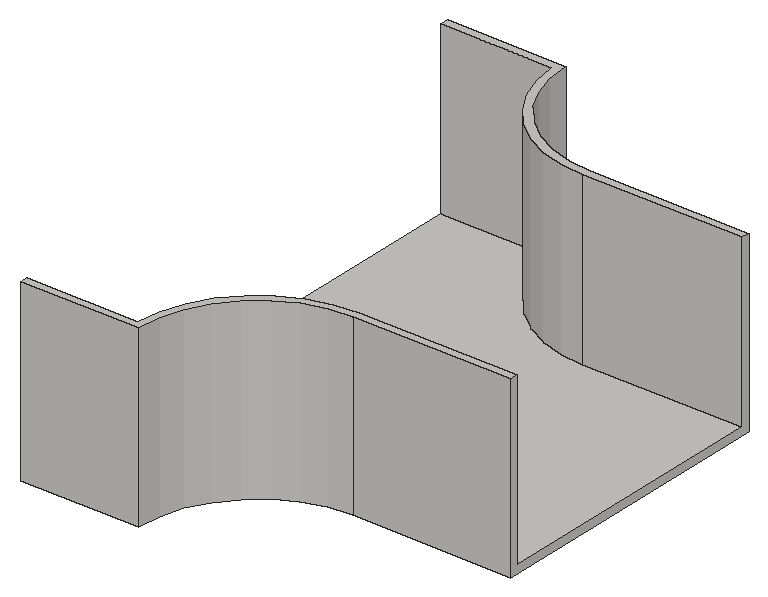
Revit family "S4R_OBO BETTERMANN_CableTray_SaddlePiece_RAAM FSK RW", category Cable Tray Fittings, Revit 2012
Parameters
  Wholesaler art.no. = ""
  Wholesaler = ""
  Watermarked By = "www.stabiplan.com"
  WIDTH2 [instance] = WIDTH1 + 80 mm  # 180 mm
  WIDTH1 [instance] = 100 mm
  VERSION = "91800"  # constant formula
  URL = "www.stabiplan.com"
  built-in parameter 1140111 [instance] = 2.6 mm
  TYPE [instance] = "RAAM FSK RW"  # constant formula
  StabiCAD_PM = ""
  Radius [instance] = 50 mm  # constant formula
  PRODUCTLINE [instance] = "OBO BETTERMANN CableTrays"  # constant formula
  Model = ""
  Manufacturer = "OBO BETTERMANN"  # constant formula
  LENGTH1 [instance] = if(and(WIDTH1 = 100 mm, HEIGHT1 = 60 mm, ANGLE2 = 90.00°), 133.5 mm, if(and(WIDTH1 = 200 mm, HEIGHT1 = 60 mm, ANGLE2 = 90.00°), 133.5 mm, if(and(WIDTH1 = 300 mm, HEIGHT1 = 60 mm, ANGLE2 = 90.00°), 133.5 mm, if(and(WIDTH1 = 400 mm, HEIGHT1 = 60 mm, ANGLE2 = 90.00°), 133.5 mm, if(and(WIDTH1 = 500 mm, HEIGHT1 = 60 mm, ANGLE2 = 90.00°), 133.5 mm, if(and(WIDTH1 = 600 mm, HEIGHT1 = 60 mm, ANGLE2 = 90.00°), 133.5 mm, 133.5 mm))))))  # 133.5 mm
  Internal art.no. = ""
  ISCUSTOM [instance] = if(and(WIDTH1 = 100 mm, HEIGHT1 = 60 mm, ANGLE2 = 90.00°), 1 = 0, if(and(WIDTH1 = 200 mm, HEIGHT1 = 60 mm, ANGLE2 = 90.00°), 1 = 0, if(and(WIDTH1 = 300 mm, HEIGHT1 = 60 mm, ANGLE2 = 90.00°), 1 = 0, if(and(WIDTH1 = 400 mm, HEIGHT1 = 60 mm, ANGLE2 = 90.00°), 1 = 0, if(and(WIDTH1 = 500 mm, HEIGHT1 = 60 mm, ANGLE2 = 90.00°), 1 = 0, if(and(WIDTH1 = 600 mm, HEIGHT1 = 60 mm, ANGLE2 = 90.00°), 1 = 0, 1 = 1))))))  # no
  IFCExportType = ""
  IFCExportAs = ""
  HEIGHT1 [instance] = 60 mm
  GTINNUMBER [instance] = if(and(WIDTH1 = 100 mm, HEIGHT1 = 60 mm, ANGLE2 = 90.00°), "4012195986881", if(and(WIDTH1 = 200 mm, HEIGHT1 = 60 mm, ANGLE2 = 90.00°), "4012195986898", if(and(WIDTH1 = 300 mm, HEIGHT1 = 60 mm, ANGLE2 = 90.00°), "4012195986904", if(and(WIDTH1 = 400 mm, HEIGHT1 = 60 mm, ANGLE2 = 90.00°), "4012195986911", if(and(WIDTH1 = 500 mm, HEIGHT1 = 60 mm, ANGLE2 = 90.00°), "4012195986928", if(and(WIDTH1 = 600 mm, HEIGHT1 = 60 mm, ANGLE2 = 90.00°), "4012195986935", "Unknown"))))))  # "4012195986881"
  ETIM article class = ""
  Description = "Horizontal CableTray Saddle Piece"
  DEEPLINK = "http://catalog1.obo-bettermann.com/"
  Copyright = "© Stabiplan BV / Stabiplan International BV"  # constant formula
  CT2 [instance] = 1
  CT1 [instance] = 1
  BodyColor = Steel
  ARTICLENUMBER [instance] = if(and(WIDTH1 = 100 mm, HEIGHT1 = 60 mm, ANGLE2 = 90.00°), "6042780", if(and(WIDTH1 = 200 mm, HEIGHT1 = 60 mm, ANGLE2 = 90.00°), "6042784", if(and(WIDTH1 = 300 mm, HEIGHT1 = 60 mm, ANGLE2 = 90.00°), "6042786", if(and(WIDTH1 = 400 mm, HEIGHT1 = 60 mm, ANGLE2 = 90.00°), "6042788", if(and(WIDTH1 = 500 mm, HEIGHT1 = 60 mm, ANGLE2 = 90.00°), "6042790", if(and(WIDTH1 = 600 mm, HEIGHT1 = 60 mm, ANGLE2 = 90.00°), "6042792", "Unknown"))))))  # "6042780"
  ARTICLEDESCRIPTION [instance] = "Horizontal CableTray Saddle Piece"
  ANGLE2 = 90.00°  # constant formula
Reference planes
  plane 1 "Center (Front/Back)": y = 0
  plane 2: z = 0
  plane 3 "Center (Left/Right)": x = 0
  plane 4: y = 50
  plane 5: y = -50
  plane 6: y = 90
  plane 7: y = -90
  plane 8: z = 30
  plane 9: z = -30
  plane 10: x = 133.5
  plane 11: x = 40
  plane 12: z = 27.5
  plane 13: z = -27.4
Forms (mm)
  Extrusion 1, solid, material "Steel", detail levels fine
    sketch origin (0, 0, 0) x (1, 0, 0) y (0, 1, 0)
      loop
        arc (80, 50) -> (51.716, 61.716) -> (40, 90) r 40
        line (40, 90) -> (0, 90) -> (0, -90) -> (40, -90)
        arc (40, -90) -> (51.716, -61.716) -> (80, -50) r 40
        line (80, -50) -> (133.5, -50) -> (133.5, 50) -> (80, 50)
    from -30 to 30
  Extrusion 2, solid, material "Steel", detail levels medium
    sketch origin (0, 0, 0) x (1, 0, 0) y (0, 1, 0)
      loop
        line (40, 90) -> (0, 90) -> (0, -90) -> (40, -90)
        arc (40, -90) -> (51.716, -61.716) -> (80, -50) r 40
        line (80, -50) -> (133.5, -50) -> (133.5, 50) -> (80, 50)
        arc (80, 50) -> (51.716, 61.716) -> (40, 90) r 40
    from -30 to 30
  Extrusion 3, void
    sketch origin (0, 0, 0) x (1, 0, 0) y (0, 1, 0)
      loop
        line (133.5, -47.4) -> (133.5, 47.4) -> (79.921, 47.4)
        arc (79.921, 47.4) -> (50.732, 58.972) -> (37.4, 87.4) r 42.6
        line (37.4, 87.4) -> (0, 87.4) -> (0, -87.4) -> (37.4, -87.4)
        arc (37.4, -87.4) -> (50.732, -58.972) -> (79.921, -47.4) r 42.6
        line (79.921, -47.4) -> (133.5, -47.4)
    from -27.4 to 30
Cuts and joins
  Extrusion 3 cuts Extrusion 1
Lines and regions (mm)
  model lines, style "Coarse", detail levels coarse
    curve 1: line (0, 0, 0) -> (133.5, 0, 0)
Dimensions and locks
  equal spacing: plane 4, plane 1 "Center (Front/Back)", plane 5
  "WIDTH1": plane 4 to plane 5
  equal spacing: plane 6, plane 1 "Center (Front/Back)", plane 7
  equal spacing: plane 8, level, plane 9
  "HEIGHT1": plane 8 to plane 9
  "LENGTH1": plane 3 "Center (Left/Right)" to plane 10
  "WIDTH2": plane 6 to plane 7
  "LENGTH1": curve 1 to curve 1
  plane 3 "Center (Left/Right)" to Extrusion 2 = 133.5 mm
  locked: plane 3 "Center (Left/Right)" to plane 11 at 40
  "built-in parameter 1140111": plane 6 to Extrusion 3 sketch curve
  "built-in parameter 1140111": Extrusion 3 sketch curve to plane 11  (x2)
  "built-in parameter 1140111": Extrusion 3 sketch curve to plane 7
  "built-in parameter 1140111": Extrusion 3 sketch curve to plane 5
  "built-in parameter 1140111": plane 4 to Extrusion 3 sketch curve
  "built-in parameter 1140111": plane 13 to plane 9
  radius of Extrusion 2 sketch curve = 40 mm  (x2)
  aligned and locked: level to plane 2
  aligned and locked: Extrusion 1 to plane 9
  aligned and locked: plane 8 to Extrusion 1
  aligned and locked: plane 1 "Center (Front/Back)" to curve 1
  aligned and locked: Extrusion 2 to plane 9
  aligned and locked: plane 8 to Extrusion 2
  aligned and locked: plane 11 to Extrusion 2 sketch curve  (x2)
  aligned and locked: plane 4 to Extrusion 2 sketch curve
  aligned and locked: plane 5 to Extrusion 2 sketch curve
  aligned and locked: plane 10 to Extrusion 2 sketch curve
  aligned and locked: Extrusion 3 sketch curve to plane 3 "Center (Left/Right)"
  aligned and locked: plane 10 to Extrusion 3 sketch curve
  aligned and locked: Extrusion 3 to plane 13
  aligned and locked: Extrusion 3 to Extrusion 1
  aligned and locked: plane 6 to Extrusion 2 sketch curve
  aligned and locked: Extrusion 2 sketch curve to plane 7
Automatic sketch dimensions
  Extrusion 1 sketch curve to plane 3 "Center (Left/Right)" = 0 mm
  Extrusion 1 sketch curve to plane 7 = 0 mm
  Extrusion 1 sketch curve to plane 11 = 0 mm  (x2)
  Extrusion 1 sketch curve to plane 6 = 0 mm
  Extrusion 1 sketch curve to plane 4 = 0 mm
  Extrusion 1 sketch curve to plane 5 = 0 mm
  Extrusion 1 sketch curve to plane 10 = 0 mm
  Extrusion 2 sketch curve to plane 3 "Center (Left/Right)" = 0 mm
  Extrusion 3 sketch curve to plane 7 = 0 mm
  Extrusion 3 sketch curve to plane 6 = 0 mm
  curve 1 to plane 3 "Center (Left/Right)" = 0 mm
Connectors
  cabletrayconduit at (133.5, 0, 0), driven by "HEIGHT1", driven by "WIDTH1"
    settings: on Extrusion 2, index 1, connector width 100 mm, connector height 60 mm, connector radius 300 mm, connector angle 180.00°, system type 32, placement type 0, profile type 1, connector reference index -1, is primary connector yes, connector utility param no, connector description ""
